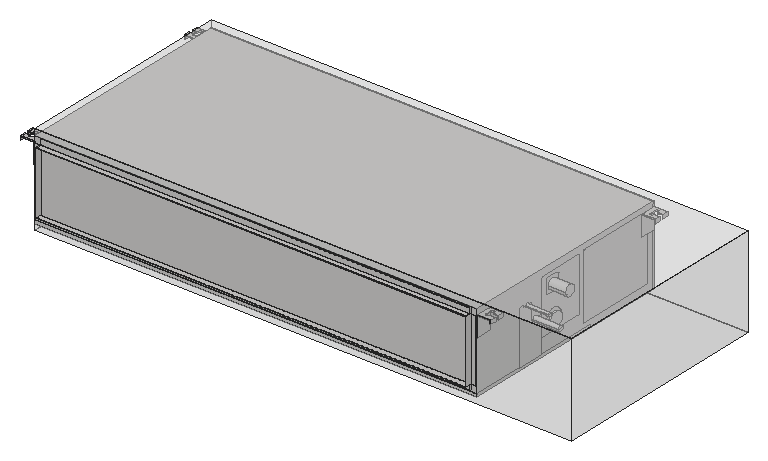
Revit family "outputfile", category 機械設備, Revit 2024
Family settings
  丸型コネクタ寸法 = 半径を使用
  パーツ タイプ = 標準
  OmniClass 番号 = 23.75.10.24.21.27.27
  OmniClass タイトル = Split System Air Conditioning Units
  作業面ベース = いいえ
  常に垂直 = はい
  ロード時にボイドで切り取り = いいえ
  注釈の向きを維持 = いいえ
  共有 = いいえ
  部屋計算ポイント = はい
Parameters (values of type "FPSQ125CV1")
  Description = ""
  書き出し IFC クラス(タイプ) = "IfcUnitaryEquipmentType"
  定義済み IFC タイプ(タイプ) = "AIRCONDITIONINGUNIT"
  Cost = 0
  Type Comments = ""
  Keynote = ""
  Type Image = (empty or 0)
  Assembly Code = ""
  w_RA Duct Size = if(Width = 1000.0 mm, 1000.0 mm, 1400.0 mm)  # 1400.0 mm
  r_HP/LP Gas Pipe Size = 4.75 mm
  lw_HP/LP Gas Pipe Size = 60.0 mm  # constant formula
  lh_HP/LP Gas Pipe Size = -103.0 mm
  ld_mountinghole = 24.0 mm  # constant formula
  ld_HP/LP Gas Pipe Size = 131.0 mm
  製造元 = "Daikin"
  モデル = "FPSQ125CV1"
  w_pipe = 33.0 mm
  r_Liquid Pipe Size = Liquid Pipe Size / 2  # 4.75 mm
  r_Gas Pipe Size = Gas Pipe Size / 2  # 7.95 mm
  r_Drain Pipe Size = Drain Pipe Size / 2  # 16.0 mm
  lw_powersupply = 49.5 mm
  lh_suctionflange [instance] = if(Rear Connection_Return Air, 125.0 mm + [h***], 190.0 mm + [h***])  # 125.0 mm
  ld_suctionflange [instance] = if(Rear Connection_Return Air, 190.0 mm, 126.5 mm)  # 190.0 mm
  ld_powersupply = 60.0 mm
  angle_vertical_RA [instance] = if(Rear Connection_Return Air, 90.00°, 0.00°)  # 90.00°
  angle horizontal_RA [instance] = if(Rear Connection_Return Air, 180.00°, 270.00°)  # 180.00°
  Voltage_comment_50Hz = "220 - 240"
  Voltage_50Hz = 230 V
  URL = ""
  Supply Air Direction [instance] = yes
  Sound Power Level_H speed (dB) = 0
  Rear Connection_Return Air [instance] = not(Bottom Connection_Return Air)  # yes
  RA_length = 190.0 mm  # constant formula
  Phase_50Hz = 1
  Minimum External Static Pressure = 50.00 Pa
  Minimum Circuit Amps_50Hz = 1.6 A
  Maximum Fuse Amps_50Hz = 16.0 A
  Maximum External Static Pressure = 80.00 Pa
  Material_Casing = DAIKIN_GalvanizedSteel_Casing_indoorunit
  lw_liquidpipe = 75.0 mm  # constant formula
  lw_gaspipe = 83.0 mm  # constant formula
  lw_mountinghole_pitch = Width + 45.0 mm  # 1445.0 mm
  lw_mountinghole = 20.0 mm  # constant formula
  lw_drainpipe = 58.0 mm  # constant formula
  lh_powersupply = 20.0 mm
  lh_liquidpipe = 175.0 mm
  lh_gaspipe = 124.0 mm
  lh_mountinghole = Height + [h***]  # 250.0 mm
  lh_drainpipe = 57.0 mm
  lh_antena = 1.0 mm  # constant formula
  ld_liquidpipe = 197.0 mm
  ld_gaspipe = 228.0 mm  # constant formula
  ld_mountinghole_pitch = 651.0 mm  # constant formula
  ld_drainpipe = 403.0 mm  # constant formula
  ld_controlbox = 626.0 mm  # constant formula
  h*** = 0.0 mm  # constant formula
  d_dischargeflange = 19.0 mm  # constant formula
  Width = 1400.0 mm
  Version = "ver.1.0"
  Unit Type = "Middle Static Ceiling Mounted Duct Type"
  Unit Mass Weight = 42.00 kg
  Unit Designation [instance] = ""
  Uniclass2015Version = "Products v1.30"
  Uniclass2015Title = "Variable refrigerant flow units"
  Uniclass2015Code = "Pr_70_65_03_94"
  Total Cooling Capacity [instance] = 0.000 kW
  Sound Pressure Level_M speed (dBA) = 37
  Sound Pressure Level_L speed (dBA) = 34
  Sound Pressure Level_H speed (dBA) = 40
  Series = "VRV HOME_Fan Coil Unit"
  Sensible Cooling Capacity [instance] = 0.000 kW
  SA Duct Size Width = 1360.0 mm
  SA Duct Size Height = 198.0 mm
  Refrigerant Type = "R410A"
  RA Duct Size Width = 1364.0 mm
  RA Duct Size Height [instance] = if(Rear Connection_Return Air, 214.0 mm, 217.0 mm)  # 214.0 mm
  Power Input (Cooling) = 0.274 kW
  Option Accessory 3 [instance] = ""
  Option Accessory 2 [instance] = ""
  Option Accessory 1 [instance] = ""
  Nominal Cooling Capacity = 14.000 kW
  Minimum Airflow = 1350.00 m³/h
  Median Airflow = 1668.00 m³/h
  Maximum Airflow = 1980.00 m³/h
  Load Classification = HVAC
  Liquid Pipe Size = 9.5 mm
  Link_Nested Family [instance] = ""
  IfcVersion = ""
  IfcExportType = "AIRCONDITIONINGUNIT"
  IfcExportAs = "IfcUnitaryEquipmentType"
  Height = 250.0 mm
  Heat Exchanger Type = "Cross Fin Coil"
  Gas Pipe Size = 15.9 mm
  Frequency_50Hz = 50 Hz
  Fan Type = "Sirocco Fan"
  Fan Drive = "Direct Drive"
  FCU Tag No. [instance] = ""
  Drain Pipe Size = 32.0 mm
  Design Supply Airflow [instance] = 0.00 m³/h
  Design Return Airflow [instance] = 0.00 m³/h
  Design External Static Pressure [instance] = 0.00 Pa
  Depth = 700.0 mm
  既定の高さ = 0.0 mm
  Cooling Entering Wet Bulb Temperature [instance] = 0.00 °C
  Cooling Entering Dry Bulb Temperature [instance] = 0.00 °C
  Cooling Ambient Wet Bulb Temperature [instance] = 0.00 °C
  Cooling Ambient Dry Bulb Temperature [instance] = 0.00 °C
  Clearance visibility [instance] = yes
  Clearance Top = 20.0 mm
  Clearance Right = 300.0 mm
  Clearance Rear = 0.0 mm
  Clearance Left = 0.0 mm
  Clearance Front = 0.0 mm
  Clearance Bottom = 20.0 mm
  Bottom Connection_Return Air [instance] = no
Reference planes
  plane 1 "Center (Front/Back)": y = 0
  plane 2: z = 0
  plane 3 "Center (Left/Right)": x = 0
  plane 4 "Back": y = 350
  plane 5 "Front": y = -350
  plane 6 "Left": x = -700
  plane 7 "Right": x = 700
  plane 8 "Top": z = 0
  plane 9 "Bottom": z = -250
  plane 10: x = 325
  plane 11: x = -330
  plane 12: z = -230
  plane 13: z = -6
  plane 14: z = -72
  plane 15: z = -75
  plane 16: z = -126
  plane 17: x = -304
  plane 18: x = -722.5
  plane 19: x = 722.5
  plane 20: y = -326
  plane 21: y = 325
  plane 22: x = -742.5
  plane 23: x = 390
  plane 24: x = 775
  plane 25: x = 783
  plane 26: x = 758
  plane 27: z = 0
  plane 28 "Clearance Left": x = -700
  plane 29 "Clearance Right": x = 1000
  plane 30 "Clearance Rear": y = 350
  plane 31 "Clearance Front": y = -350
  plane 32 "Clearance Top": z = 20
  plane 33 "Clearance Bottom": z = -270
  plane 34: z = -14
  plane 35: z = -57
  plane 36: z = -146.5
  plane 37: x = 0
  plane 38: y = -122
  plane 39: y = -153
  plane 40: y = -30
  plane 41: y = -53
  plane 42: z = -119
  plane 43: y = -349
  plane 44: x = -699
  plane 45: z = -140
  plane 46: z = -80
  plane 47: y = 210
  plane 48: z = -249
  plane 49: y = 160
  plane 50: z = -151
  plane 51: x = 730
  plane 52: z = 11
  plane 53: z = 97.5
  plane 54: y = -219
Forms (mm)
  Extrusion 1, solid, material "DAIKIN_GalvanizedSteel_Casing_indoorunit" <- "Material_Casing"
    sketch origin (0, 0, 0) x (1, 0, 0) y (0, 1, 0)
      loop
        line (-700, -350) -> (700, -350) -> (700, 350) -> (-700, 350) -> (-700, -350)
    from -250 to 0
  Revolve 2, solid, material "DAIKIN_GalvanizedSteel_Casing_indoorunit" <- "Material_Casing"
    sketch origin (0, 0, -126) x (0, -1, 0) y (1, 0, 0)
      loop
        line (114.05, 700) -> (122, 700) -> (122, 783) -> (114.05, 783) -> (114.05, 700)
      axis (122, 700) -> (122, 783)
    angle from 0 to 360
  Revolve 3, solid, material "DAIKIN_GalvanizedSteel_Casing_indoorunit" <- "Material_Casing"
    sketch origin (0, 0, -75) x (0, -1, 0) y (1, 0, 0)
      loop
        line (153, 700) -> (153, 775) -> (148.25, 775) -> (148.25, 700) -> (153, 700)
      axis (153, 775) -> (153, 700)
    angle from 0 to 360
  Extrusion 4, solid, material "DAIKIN_GalvanizedSteel_Casing_indoorunit" <- "Material_Casing"
    sketch origin (700, 0, 33.75) x (0, 1, 0) y (0, 0, 1)
      loop
        circle (-53, -90.75) r 16
    from 0 to 58
  Extrusion 5, solid, material "DAIKIN_GalvanizedSteel_Casing_indoorunit" <- "Material_Casing"
    sketch origin (0, 0, 0) x (1, 0, 0) y (0, 0, 1)
      loop
        line (-700, -240) -> (-700, -250) -> (700, -250) -> (700, -240) -> (-700, -240)
    from -97 to 350
  Extrusion 6, solid, material "DAIKIN_GalvanizedSteel_Casing_indoorunit" <- "Material_Casing"
    sketch origin (700, 0, 0) x (0, 1, 0) y (0, 0, 1)
      loop
        circle (-49.014, -158.014) r 22.5
    from 11.3 to 0
  Extrusion 7, solid, material "DAIKIN_GalvanizedSteel_Casing_indoorunit" <- "Material_Casing"
    sketch origin (700, 0, 0) x (0, 1, 0) y (0, 0, 1)
      loop
        circle (-49.014, -158.014) r 30
    from 0 to 3
  Extrusion 8, solid, material "DAIKIN_GalvanizedSteel_Casing_indoorunit" <- "Material_Casing"
    sketch origin (700, 0, 0) x (0, 1, 0) y (0, 0, 1)
      loop
        arc (-94.014, -189.014) -> (-93.135, -191.135) -> (-91.014, -192.014) r 3
        line (-91.014, -192.014) -> (49.986, -192.014)
        arc (49.986, -192.014) -> (52.108, -191.135) -> (52.986, -189.014) r 3
        line (52.986, -189.014) -> (52.986, -25.014)
        arc (52.986, -25.014) -> (52.108, -22.892) -> (49.986, -22.014) r 3
        line (49.986, -22.014) -> (-91.014, -22.014)
        arc (-91.014, -22.014) -> (-93.135, -22.892) -> (-94.014, -25.014) r 3
        line (-94.014, -25.014) -> (-94.014, -189.014)
      loop
        line (-78.486, -40.478) -> (-78.486, -73.478)
        arc (-78.486, -73.478) -> (-75.855, -79.845) -> (-69.494, -82.486) r 9
        line (-69.494, -82.486) -> (-36.492, -82.486)
        arc (-36.492, -82.486) -> (-30.134, -79.848) -> (-27.486, -73.494) r 9.023
        line (-27.486, -73.494) -> (-27.486, -40.478)
        arc (-27.486, -40.478) -> (-30.122, -34.122) -> (-36.478, -31.486) r 9
        line (-36.478, -31.486) -> (-69.494, -31.486)
        arc (-69.494, -31.486) -> (-75.85, -34.122) -> (-78.486, -40.478) r 9
    from 0 to 1
  Extrusion 9, solid, material "DAIKIN_GalvanizedSteel_Casing_indoorunit" <- "Material_Casing"
    sketch origin (700, 0, 0) x (0, 1, 0) y (0, 0, 1)
      loop
        line (72.008, -16.198) -> (72.008, -225) -> (324.002, -225) -> (324.002, -83.198) -> (299.002, -83.198) -> (299.002, -16.198) -> (72.008, -16.198)
    from 0 to 1
  Extrusion 10, solid, material "DAIKIN_GalvanizedSteel_Casing_indoorunit"
    sketch origin (700, 0, 0) x (0, 1, 0) y (0, 0, 1)
      loop
        line (-96.045, -240) -> (-96.045, -126.163) -> (-136.045, -126.163) -> (-136.045, -75.163) -> (-166.999, -75.163) -> (-166.999, -70.163) -> (-181.045, -70.163) -> (-181.045, -240) -> (-96.045, -240)
    from 0 to 1
Dimensions and locks
  "lh_powersupply": plane 12 to plane 9 "Bottom"
  locked: plane 8 "Top" to plane 13 at 6
  "Height": plane 8 "Top" to plane 9 "Bottom"
  locked: plane 17 to plane 3 "Center (Left/Right)" at 304
  equal spacing: plane 18, plane 3 "Center (Left/Right)", plane 19
  "lw_mountinghole_pitch": plane 18 to plane 19
  locked: plane 14 to plane 9 "Bottom" at 178
  "lw_mountinghole": plane 22 to plane 18
  "lh_liquidpipe": plane 15 to plane 9 "Bottom"
  "lh_gaspipe": plane 16 to plane 9 "Bottom"
  "lh_mountinghole": plane 27 to plane 9 "Bottom"
  "ld_mountinghole_pitch": plane 21 to plane 20
  equal spacing: plane 6 "Left", plane 3 "Center (Left/Right)", plane 7 "Right"
  "Width": plane 6 "Left" to plane 7 "Right"
  "Clearance Right": plane 7 "Right" to plane 29 "Clearance Right"
  "Clearance Left": plane 28 "Clearance Left" to plane 6 "Left"
  "lw_gaspipe": plane 7 "Right" to plane 25
  "lw_liquidpipe": plane 7 "Right" to plane 24
  "lw_drainpipe": plane 7 "Right" to plane 26
  "Clearance Rear": plane 30 "Clearance Rear" to plane 4 "Back"
  "Clearance Front": plane 5 "Front" to plane 31 "Clearance Front"
  "Clearance Top": plane 32 "Clearance Top" to plane 8 "Top"
  "Clearance Bottom": plane 9 "Bottom" to plane 33 "Clearance Bottom"
  plane 8 "Top" to plane 34 = 14.0 mm
  "lh_drainpipe": plane 8 "Top" to plane 35
  locked: plane 36 to plane 9 "Bottom" at 103.5
  locked: plane 34 to plane 42 at 105
  "Depth": plane 4 "Back" to plane 5 "Front"
  equal spacing: plane 4 "Back", plane 1 "Center (Front/Back)", plane 5 "Front"
  locked: plane 43 to plane 5 "Front" at 1
  locked: plane 44 to plane 6 "Left" at 1
  locked: plane 12 to plane 45 at 90
  plane 47 to nested 13 = 122.0 mm
  locked: plane 48 to plane 9 "Bottom" at 1
  "ld_suctionflange": plane 4 "Back" to plane 49
  locked: plane 50 to plane 9 "Bottom" at 99
  locked: plane 51 to plane 7 "Right" at 30
  "r_Gas Pipe Size": Revolve 2 sketch curve to Revolve 2 sketch curve
  "ld_gaspipe": plane 38 to plane 5 "Front"
  "r_Liquid Pipe Size": Revolve 3 sketch curve to plane 39
  "ld_liquidpipe": plane 39 to plane 5 "Front"
  "ld_drainpipe": plane 4 "Back" to plane 41
  "ld_HP/LP Gas Pipe Size": plane 54 to plane 5 "Front"
  plane 8 "Top" to plane 15 = 75.0 mm
  "ld_mountinghole": plane 20 to plane 5 "Front"
  locked: plane 8 "Top" to nested 16 at 20
  equal spacing: plane 6 "Left", plane 37, plane 7 "Right"
  "ld_gaspipe": plane 5 "Front" to Revolve 2 sketch curve
  locked: plane 46 to plane 9 "Bottom" at 170
  "r_Drain Pipe Size": radius of Extrusion 4 sketch curve
  aligned and locked: level to plane 2
  aligned and locked: Extrusion 1 to plane 9 "Bottom"
  aligned and locked: plane 8 "Top" to Extrusion 1
  aligned and locked: Revolve 2 sketch curve to Revolve 2 sketch curve
  aligned and locked: nested 6 to plane 24
  aligned and locked: nested 6 to plane 15
  aligned and locked: nested 2 to plane 21
  aligned and locked: plane 19 to nested 2
  aligned and locked: plane 19 to nested 3
  aligned and locked: plane 18 to nested 4
  aligned and locked: plane 21 to nested 5
  aligned and locked: nested 5 to plane 21
  aligned and locked: plane 18 to nested 5
  aligned and locked: Extrusion 5 to plane 5 "Front"
  aligned and locked: Extrusion 5 to plane 9 "Bottom"
  aligned and locked: nested 7 to plane 16
  aligned and locked: plane 38 to nested 7
  aligned and locked: plane 39 to nested 6
  aligned and locked: Extrusion 4 sketch curve to plane 41
  aligned and locked: plane 4 "Back" to nested 12
  aligned and locked: plane 29 "Clearance Right" to nested 14
  aligned and locked: plane 28 "Clearance Left" to nested 14
  aligned and locked: nested 14 to plane 31 "Clearance Front"
  aligned and locked: nested 14 to plane 32 "Clearance Top"
  aligned and locked: nested 14 to plane 33 "Clearance Bottom"
  aligned and locked: nested 8 to plane 35
  aligned and locked: nested 10 to plane 1 "Center (Front/Back)"
  aligned and locked: plane 3 "Center (Left/Right)" to nested 10
  aligned and locked: plane 42 to nested 9
  aligned and locked: level to plane 8 "Top"
  aligned and locked: plane 3 "Center (Left/Right)" to nested 1
  aligned and locked: Extrusion 1 sketch curve to plane 5 "Front"
  aligned and locked: plane 3 "Center (Left/Right)" to nested 16
  aligned and locked: plane 5 "Front" to nested 16
  aligned and locked: nested 9 to plane 5 "Front"
  aligned and locked: plane 39 to Revolve 3 sketch curve  (x2)
  aligned and locked: plane 7 "Right" to nested 7
  aligned and locked: plane 7 "Right" to nested 8
  aligned and locked: plane 41 to nested 8
  aligned and locked: plane 1 "Center (Front/Back)" to nested 1
  aligned and locked: nested 4 to plane 20
  aligned and locked: nested 3 to plane 20
  aligned and locked: plane 37 to nested 15
  aligned and locked: nested 15 to plane 49
  aligned and locked: plane 7 "Right" to Revolve 3 sketch curve
  aligned and locked: plane 7 "Right" to Revolve 2 sketch curve
  aligned and locked: Revolve 2 sketch curve to nested 7
  aligned and locked: plane 8 "Top" to nested 12
  aligned and locked: plane 3 "Center (Left/Right)" to nested 12
  aligned and locked: plane 3 "Center (Left/Right)" to nested 13
  aligned and locked: plane 9 "Bottom" to nested 13
  aligned and locked: plane 30 "Clearance Rear" to nested 14
  aligned and locked: plane 4 "Back" to nested 13
  aligned and locked: plane 7 "Right" to nested 11
  aligned and locked: plane 26 to Extrusion 4
Automatic sketch dimensions
  Extrusion 1 sketch curve to plane 4 "Back" = 0.0 mm
  Extrusion 1 sketch curve to plane 6 "Left" = 0.0 mm
  Extrusion 1 sketch curve to plane 7 "Right" = 0.0 mm
  Revolve 2 sketch curve to plane 37 = 57.997 mm
  plane 24 to Revolve 2 sketch curve = 1.003 mm
  Revolve 3 sketch curve to plane 24 = 0.0 mm  (x2)
  Revolve 3 sketch curve to Revolve 3 sketch curve = 1.0 mm
  Extrusion 5 sketch curve to plane 6 "Left" = 0.0 mm
  Extrusion 5 sketch curve to plane 7 "Right" = 0.0 mm
  Extrusion 5 sketch curve to plane 9 "Bottom" = 0.0 mm
  Extrusion 5 sketch curve to plane 12 = 10.0 mm
  plane 35 to Extrusion 4 sketch curve = 0.0 mm
  plane 38 to Extrusion 6 sketch curve = 72.986 mm
  plane 12 to Extrusion 6 sketch curve = 71.986 mm
  plane 41 to Extrusion 7 sketch curve = 3.986 mm
  Extrusion 7 sketch curve to plane 50 = 7.014 mm
  plane 38 to Extrusion 8 sketch curve = 27.986 mm
  Extrusion 8 sketch curve to Extrusion 8 sketch curve = 3.0 mm  (x3)
  Extrusion 8 sketch curve to plane 14 = 1.478 mm
  Extrusion 8 sketch curve to plane 41 = 25.486 mm
  Extrusion 8 sketch curve to plane 46 = 2.486 mm
  Extrusion 8 sketch curve to Extrusion 8 sketch curve = 8.992 mm  (x2)
  Extrusion 8 sketch curve to plane 14 = 1.486 mm
  Extrusion 8 sketch curve to Extrusion 8 sketch curve = 9.0 mm
  Extrusion 8 sketch curve to plane 14 = 1.463 mm
  Extrusion 8 sketch curve to plane 40 = 6.509 mm
  Extrusion 8 sketch curve to plane 40 = 6.492 mm
  Extrusion 8 sketch curve to plane 40 = 6.486 mm
  Extrusion 8 sketch curve to plane 40 = 6.478 mm
  Extrusion 8 sketch curve to plane 14 = 1.494 mm
  Extrusion 8 sketch curve to plane 34 = 8.014 mm
  Extrusion 8 sketch curve to plane 1 "Center (Front/Back)" = 49.986 mm  (x2)
  Extrusion 8 sketch curve to plane 50 = 38.014 mm
  plane 35 to Extrusion 8 sketch curve = 16.514 mm
  Extrusion 8 sketch curve to Extrusion 8 sketch curve = 32.977 mm
  Extrusion 8 sketch curve to Extrusion 8 sketch curve = 0.008 mm
  Extrusion 9 sketch curve to plane 34 = 2.198 mm
  Extrusion 9 sketch curve to plane 1 "Center (Front/Back)" = 72.008 mm
  Extrusion 9 sketch curve to plane 46 = 3.198 mm
  Extrusion 9 sketch curve to plane 21 = 25.998 mm
  Extrusion 9 sketch curve to plane 21 = 0.998 mm  (x2)
  plane 12 to Extrusion 9 sketch curve = 5.0 mm
  plane 48 to Extrusion 10 sketch curve = 9.0 mm
  Extrusion 10 sketch curve to plane 39 = 28.045 mm
  Extrusion 10 sketch curve to plane 15 = 0.163 mm
  Extrusion 10 sketch curve to plane 39 = 13.999 mm
  Extrusion 10 sketch curve to plane 16 = 0.163 mm
  Extrusion 10 sketch curve to plane 38 = 14.045 mm
  plane 38 to Extrusion 10 sketch curve = 25.955 mm
  plane 14 to Extrusion 10 sketch curve = 1.837 mm
  radius of Extrusion 6 sketch curve = 22.5 mm
  radius of Extrusion 7 sketch curve = 30.0 mm
Nested families
  nested 1: "daikin_hangerfixture_FPSQ-CV1" at (0, 0, -15.5), type "daikin_hangerfixture_FPSQ-CV1"
    with width 1400.0 mm
  nested 2: "daikin_mountinghole" at (722.5, 325, -265.5), l_antenna <- "lh_antena", Link_Nested Family <- "Link_Nested Family", h_mountinghole <- "lh_mountinghole", type "daikin_mountinghole"
    with show yes, l_antenna 1.0 mm, h_mountinghole 250.0 mm, Link_Nested Family ""
  nested 3: "daikin_mountinghole" at (722.5, -326, -265.5), Link_Nested Family <- "Link_Nested Family", l_antenna <- "lh_antena", h_mountinghole <- "lh_mountinghole", type "daikin_mountinghole"
    with show yes, l_antenna 1.0 mm, h_mountinghole 250.0 mm, Link_Nested Family ""
  nested 4: "daikin_mountinghole" at (-722.5, -326, -265.5), l_antenna <- "lh_antena", Link_Nested Family <- "Link_Nested Family", h_mountinghole <- "lh_mountinghole", type "daikin_mountinghole"
    with show yes, l_antenna 1.0 mm, h_mountinghole 250.0 mm, Link_Nested Family ""
  nested 5: "daikin_mountinghole" at (-722.5, 325, -265.5), l_antenna <- "lh_antena", Link_Nested Family <- "Link_Nested Family", h_mountinghole <- "lh_mountinghole", type "daikin_mountinghole"
    with show yes, l_antenna 1.0 mm, h_mountinghole 250.0 mm, Link_Nested Family ""
  nested 6: "daikin_connector_rotate2" at (700, -153, -75) x (0, 1, 0) z (0, 0, 1), length <- "lw_liquidpipe", built-in parameter 1001364 <- "lh_liquidpipe", radius <- "r_Liquid Pipe Size", type "daikin_connector_rotate2"
    with radius 4.75 mm, length 75.0 mm, angle_vertical 90.00°
  nested 7: "daikin_connector_rotate2" at (700, -122, -126) x (0, 1, 0) z (0, 0, 1), length <- "lw_gaspipe", built-in parameter 1001364 <- "lh_gaspipe", radius <- "r_Gas Pipe Size", type "daikin_connector_rotate2"
    with radius 7.95 mm, length 83.0 mm, angle_vertical 90.00°
  nested 8: "daikin_connector_rotate2" at (700, -53, -57) x (0, 1, 0) z (0, 0, 1), built-in parameter 1001364 <- "lh_drainpipe", radius <- "r_Drain Pipe Size", length <- "lw_drainpipe", type "daikin_connector_rotate2"
    with radius 16.0 mm, length 58.0 mm, angle_vertical 90.00°
  nested 9: "daikin_connector_rotate2" at (0, -350, -119), length <- "d_dischargeflange", type "daikin_connector_rotate2"
    with radius 10.0 mm, length 19.0 mm, angle_vertical 90.00°
  nested 10: "daikin_△_symbolicline" at (-75, -129.904, 250) x (-0.5, 0.866, 0) z (0, 0, 1), built-in parameter 1001364 <- "Height", visible <- "Supply Air Direction", type "daikin_△_symbolicline"
    with length 300.0 mm
  nested 11: "daikin_connector_rotate2" at (640, 273.008, -220) x (0, 1, 0) z (0, 0, 1), type "daikin_connector_rotate2"
    with radius 10.0 mm, length 60.0 mm, angle_vertical 90.00°
  nested 12: "daikin_ductflange_FPSQ-CV1_2" at (0, 350, -125), material <- "Material_Casing", visible <- "Rear Connection_Return Air", width <- "w_RA Duct Size", type "daikin_ductflange_FPSQ-CV1_2"
    with width 1400.0 mm, material DAIKIN_GalvanizedSteel_Casing_indoorunit, height 214.0 mm, depth 21.2 mm
  nested 13: "daikin_ductflange_FPSQ-CV1_2" at (0, 225, -250) x (1, 0, 0) z (0, 1, 0), material <- "Material_Casing", visible <- "Bottom Connection_Return Air", width <- "w_RA Duct Size", height <- "RA Duct Size Height", type "daikin_ductflange_FPSQ-CV1_2"
    with width 1400.0 mm, material DAIKIN_GalvanizedSteel_Casing_indoorunit, height 214.0 mm, depth 21.0 mm
  nested 14: "daikin_clearancespace" at (150, 0, -124.881), visible <- "Clearance visibility", show <- "Clearance visibility", Link_Nested Family <- "Link_Nested Family", type "daikin_clearancespace"
    with width 1700.0 mm, show yes, height 290.0 mm, depth 700.0 mm, Link_Nested Family ""
  nested 15: "daikin_connector_rotate3" at (0, 160, -125), built-in parameter 1001364 <- "lh_suctionflange", angle_vertical <- "angle_vertical_RA", angle_horizontal <- "angle horizontal_RA", length <- "RA_length", type "daikin_connector_rotate3"
    with show no, radius 10.0 mm, length 190.0 mm, angle_vertical 90.00°, angle_horizontal 180.00°
  nested 16: "daikin_ductflange_FPSQ-CV1_1" at (0, -36.5, -408.201), width <- "SA Duct Size Width", type "daikin_ductflange_FPSQ-CV1_1"
    with width 1360.0 mm, material DAIKIN_GalvanizedSteel_Casing_indoorunit, height 200.0 mm, depth 19.0 mm
Connectors
  piping at (783, -122, -126), diameter 15.9, driven by "r_Gas Pipe Size"
    settings: on nested 7, index 1, connector inside diameter 609.6 mm, connector length 0.0 mm, flow factor 0, pipe flow 0.00 m³/h, pressure drop 0.0 Pa, fitting loss kfactor 0, connector angle 0.00°, fixture units 0, engagement length 0.0 mm, angle of deflection 0.00°, flow configuration 1, flow direction 2, fitting loss method 0, system type 29, joint type 0, gender type 0, connector reference index -1, connector utility 0, adjustable connector no, is connector primary yes, connector description "Refrigerant Gas Piping"
  piping at (775, -153, -75), diameter 9.5, driven by "r_Liquid Pipe Size"
    settings: on nested 6, index 2, connector inside diameter 609.6 mm, connector length 0.0 mm, flow factor 0, pipe flow 0.00 m³/h, pressure drop 0.0 Pa, fitting loss kfactor 0, connector angle 0.00°, fixture units 0, engagement length 0.0 mm, angle of deflection 0.00°, flow configuration 1, flow direction 1, fitting loss method 0, system type 29, joint type 0, gender type 0, connector reference index -1, connector utility 0, adjustable connector no, is connector primary no, connector description "Refrigerant Liquid Piping"
  piping at (758, -53, -57), diameter 32, driven by "r_Drain Pipe Size"
    settings: on nested 8, index 3, connector inside diameter 609.6 mm, connector length 0.0 mm, flow factor 0, pipe flow 0.00 m³/h, pressure drop 0.0 Pa, fitting loss kfactor 0, connector angle 0.00°, fixture units 0, engagement length 0.0 mm, angle of deflection 0.00°, flow configuration 1, flow direction 2, fitting loss method 4, system type 16, joint type 0, gender type 0, connector reference index -1, connector utility 0, adjustable connector no, is connector primary no, connector description "Condensate Drain Piping"
  electrical at (700, 273.008, -220), driven by "Load Classification"
    settings: on nested 11, index 9, voltage 0 V, apparent load 0 VA, apparent load phase1 0 VA, apparent load phase2 0 VA, apparent load phase3 0 VA, power factor 1, load classification "HVAC", number of poles 1, system type 30, power factor state 1, is connector primary yes, connector utility no, sub classification motor no, connector description "Power Supply"
  hvac at (0, -369, -119), driven by "SA Duct Size Height", driven by "SA Duct Size Width"
    settings: on nested 9, index 11, duct flow 0.00 m³/h, flow factor 0, pres drop 0.00 Pa, loss coef 0, conn angle 0.00°, conn width 1360.0 mm, conn height 198.0 mm, conn diameter 609.6 mm, duct sys type 1, conn prof type 1, flow config 0, flow direction 2, loss method 4, conn ref index -1, conn util no, is conn primary yes, conn desc "SA Duct"
  hvac at (0, 350, -125), driven by "RA Duct Size Height", driven by "RA Duct Size Width"
    settings: on nested 15, index 12, duct flow 0.00 m³/h, flow factor 0, pres drop 0.00 Pa, loss coef 0, conn angle 0.00°, conn width 1364.0 mm, conn height 214.0 mm, conn diameter 609.6 mm, duct sys type 2, conn prof type 1, flow config 0, flow direction 1, loss method 4, conn ref index -1, conn util no, is conn primary no, conn desc "RA Duct"
  piping at (783, -122, -126), diameter 15.9, driven by "r_Gas Pipe Size"
    settings: on nested 7, index 13, connector inside diameter 609.6 mm, connector length 0.0 mm, flow factor 0, pipe flow 0.00 m³/h, pressure drop 0.0 Pa, fitting loss kfactor 0, connector angle 0.00°, fixture units 0, engagement length 0.0 mm, angle of deflection 0.00°, flow configuration 1, flow direction 2, fitting loss method 0, system type 29, joint type 0, gender type 0, connector reference index -1, connector utility 0, adjustable connector no, is connector primary no, connector description "Refrigerant Gas Piping"
Definition of nested family "daikin_hangerfixture_FPSQ-CV1"
  Parameters (values of type "daikin_hangerfixture_FPSQ-CV1")
    width = 1000.0 mm
    material = none
    height = 65.0 mm
    depth = 699.0 mm
    Default Elevation = 0.0 mm
  Reference planes
    plane 1 "Center (Front/Back)": y = 0
    plane 2: z = 0
    plane 3 "Center (Left/Right)": x = 0
    plane 4: x = 500
    plane 5: y = 349
    plane 6: y = -350
    plane 7: x = -500
  Forms (mm)
    Extrusion 1, solid, material <- "material"
      sketch origin (0, 0, 0) x (-1, 0, 0) y (0, 0, -1)
        loop
          line (500, 0) -> (545, 0) -> (545, 11.998) -> (542.7, 11.998) -> (542.7, 2.298) -> (502.108, 2.298) -> (502.108, 64.997) -> (500, 64.997) -> (500, 0)
      from -349 to 350
    Extrusion 2, void
      sketch origin (0, 0, 0) x (1, 0, 0) y (0, 1, 0)
        loop
          line (-545, 301) -> (-545, -302) -> (-500, -302) -> (-500, 301) -> (-545, 301)
        loop
          line (-545, -319.499) -> (-545, -332.501) -> (-529.997, -332.501)
          arc (-529.997, -332.501) -> (-529.291, -332.793) -> (-528.998, -333.5) r 0.998
          line (-528.998, -333.5) -> (-528.998, -335)
          arc (-528.998, -335) -> (-522.999, -340.999) -> (-517, -335) r 5.999
          line (-517, -335) -> (-517, -317)
          arc (-517, -317) -> (-522.999, -311.001) -> (-528.998, -317) r 5.999
          line (-528.998, -317) -> (-528.998, -318.5)
          arc (-528.998, -318.5) -> (-529.291, -319.207) -> (-529.997, -319.499) r 0.998
          line (-529.997, -319.499) -> (-545, -319.499)
        loop
          line (-545, 331.502) -> (-545, 318.5) -> (-529.997, 318.5)
          arc (-529.997, 318.5) -> (-529.291, 318.208) -> (-528.998, 317.501) r 0.998
          line (-528.998, 317.501) -> (-528.998, 316.001)
          arc (-528.998, 316.001) -> (-522.999, 310.002) -> (-517, 316.001) r 5.999
          line (-517, 316.001) -> (-517, 334.001)
          arc (-517, 334.001) -> (-522.999, 340) -> (-528.998, 334.001) r 5.999
          line (-528.998, 334.001) -> (-528.998, 332.5)
          arc (-528.998, 332.5) -> (-529.291, 331.794) -> (-529.997, 331.502) r 0.998
          line (-529.997, 331.502) -> (-545, 331.502)
      from 0 to -80
    Extrusion 3, solid, material <- "material"
      sketch origin (0, 0, 0) x (1, 0, 0) y (0, 0, 1)
        loop
          line (500, 0) -> (500, -64.997) -> (502.108, -64.997) -> (502.108, -2.298) -> (542.7, -2.298) -> (542.7, -11.998) -> (545, -11.998) -> (545, 0) -> (500, 0)
      from -349 to 350
    Extrusion 4, void
      sketch origin (0, 0, 0) x (-1, 0, 0) y (0, -1, 0)
        loop
          line (-545, -301) -> (-500, -301) -> (-500, 302) -> (-545, 302) -> (-545, -301)
        loop
          line (-517, 317) -> (-517, 335)
          arc (-517, 335) -> (-522.999, 340.999) -> (-528.998, 335) r 5.999
          line (-528.998, 335) -> (-528.998, 333.5)
          arc (-528.998, 333.5) -> (-529.291, 332.793) -> (-529.997, 332.501) r 0.998
          line (-529.997, 332.501) -> (-545, 332.501) -> (-545, 319.499) -> (-529.997, 319.499)
          arc (-529.997, 319.499) -> (-529.291, 319.207) -> (-528.998, 318.5) r 0.998
          line (-528.998, 318.5) -> (-528.998, 317)
          arc (-528.998, 317) -> (-522.999, 311.001) -> (-517, 317) r 5.999
        loop
          line (-545, -331.502) -> (-529.997, -331.502)
          arc (-529.997, -331.502) -> (-529.291, -331.794) -> (-528.998, -332.5) r 0.998
          line (-528.998, -332.5) -> (-528.998, -334.001)
          arc (-528.998, -334.001) -> (-522.999, -340) -> (-517, -334.001) r 5.999
          line (-517, -334.001) -> (-517, -316.001)
          arc (-517, -316.001) -> (-522.999, -310.002) -> (-528.998, -316.001) r 5.999
          line (-528.998, -316.001) -> (-528.998, -317.501)
          arc (-528.998, -317.501) -> (-529.291, -318.208) -> (-529.997, -318.5) r 0.998
          line (-529.997, -318.5) -> (-545, -318.5) -> (-545, -331.502)
      from 0 to -80
  Cuts and joins
    Extrusion 2, Extrusion 4 cuts Extrusion 1
    Extrusion 4 cuts Extrusion 3
  Dimensions and locks
    plane 5 to plane 1 "Center (Front/Back)" to plane 6 = 349.0 mm, 350.0 mm
    "depth": plane 5 to plane 6
    plane 6 to plane 1 "Center (Front/Back)" to plane 5 = 350.0 mm, 349.0 mm
    equal spacing: plane 7, plane 3 "Center (Left/Right)", plane 4
    "width": plane 7 to plane 4
    plane 7 to Extrusion 1 sketch curve = 2.108 mm
    level to Extrusion 1 sketch curve = 11.998 mm
    plane 7 to Extrusion 1 sketch curve = 45.0 mm
    Extrusion 1 sketch curve to Extrusion 1 sketch curve = 2.3 mm
    plane 2 to Extrusion 1 sketch curve = 64.997 mm
    Extrusion 3 sketch curve to Extrusion 3 sketch curve = 2.3 mm
    aligned and locked: level to plane 2
    aligned and locked: Extrusion 1 sketch curve to plane 7
    aligned and locked: plane 2 to Extrusion 1 sketch curve
    aligned and locked: plane 5 to Extrusion 1
    aligned and locked: plane 6 to Extrusion 1
  Automatic sketch dimensions
    Extrusion 1 sketch curve to level = 2.298 mm
    Extrusion 2 sketch curve to plane 7 = 0.0 mm
    Extrusion 2 sketch curve to plane 7 = 17.0 mm  (x2)
    Extrusion 2 sketch curve to Extrusion 2 sketch curve = 5.999 mm  (x4)
    Extrusion 2 sketch curve to Extrusion 2 sketch curve = 0.998 mm  (x4)
    Extrusion 2 sketch curve to Extrusion 2 sketch curve = 15.003 mm  (x2)
    Extrusion 2 sketch curve to Extrusion 2 sketch curve = 0.0 mm
    plane 6 to Extrusion 2 sketch curve = 15.0 mm
    Extrusion 2 sketch curve to Extrusion 2 sketch curve = 1.5 mm  (x4)
    Extrusion 2 sketch curve to Extrusion 2 sketch curve = 13.002 mm  (x2)
    Extrusion 2 sketch curve to Extrusion 2 sketch curve = 15.0 mm
    Extrusion 2 sketch curve to plane 5 = 48.0 mm
    Extrusion 2 sketch curve to Extrusion 2 sketch curve = 15.001 mm
    Extrusion 3 sketch curve to level = 0.0 mm
    Extrusion 3 sketch curve to plane 4 = 0.0 mm
    plane 4 to Extrusion 3 sketch curve = 2.108 mm
    Extrusion 3 sketch curve to level = 2.298 mm
    Extrusion 3 sketch curve to Extrusion 3 sketch curve = 40.592 mm
    Extrusion 3 sketch curve to Extrusion 3 sketch curve = 9.7 mm
    Extrusion 3 sketch curve to Extrusion 3 sketch curve = 62.7 mm
    Extrusion 4 sketch curve to plane 4 = 0.0 mm
    plane 4 to Extrusion 4 sketch curve = 17.0 mm  (x2)
    Extrusion 4 sketch curve to Extrusion 4 sketch curve = 5.999 mm  (x3)
    Extrusion 4 sketch curve to Extrusion 4 sketch curve = 0.998 mm  (x4)
    Extrusion 4 sketch curve to Extrusion 4 sketch curve = 15.003 mm  (x2)
    Extrusion 4 sketch curve to plane 5 = 14.999 mm
    Extrusion 4 sketch curve to Extrusion 4 sketch curve = 1.5 mm  (x4)
    Extrusion 4 sketch curve to Extrusion 4 sketch curve = 13.002 mm  (x2)
    Extrusion 4 sketch curve to Extrusion 4 sketch curve = 17.5 mm
    plane 6 to Extrusion 4 sketch curve = 48.0 mm
    Extrusion 4 sketch curve to Extrusion 4 sketch curve = 0.0 mm
    Extrusion 4 sketch curve to Extrusion 4 sketch curve = 12.997 mm
    Extrusion 4 sketch curve to Extrusion 4 sketch curve = 15.0 mm
Definition of nested family "daikin_ductflange_FPSQ-CV1_2"
  Parameters (values of type "daikin_ductflange_FPSQ-CV1_2")
    width [instance] = 620.0 mm
    material [instance] = none
    height [instance] = 214.0 mm
    depth [instance] = 21.2 mm
    Default Elevation = 0.0 mm
  Reference planes
    plane 1 "Center (Front/Back)": y = 0
    plane 2: z = 0
    plane 3 "Center (Left/Right)": x = 0
    plane 4: y = -313.5
    plane 5: y = -334.7
    plane 6: x = -310
    plane 7: x = 310
    plane 8: z = 107
    plane 9: z = -107
    plane 10: z = 125
    plane 11: z = -125
    plane 12: x = -309
    plane 13: x = 309
  Forms (mm)
    Extrusion 1, solid, material <- "material"
      sketch origin (0, 0, 0) x (1, 0, 0) y (0, 0, 1)
        loop
          line (-292, 107) -> (-292, -107) -> (292, -107) -> (292, 107) -> (-292, 107)
        loop
          line (-310, -125) -> (310, -125) -> (310, 125) -> (-310, 125) -> (-310, -125)
      from 0 to 1
  Dimensions and locks
    plane 4 to plane 1 "Center (Front/Back)" = 313.5 mm
    "depth": plane 5 to plane 4
    equal spacing: plane 7, plane 3 "Center (Left/Right)", plane 6, locked at 310 each
    "width": plane 7 to plane 6
    equal spacing: plane 8, level, plane 9
    "height": plane 8 to plane 9
    plane 12 to plane 6 = 1.0 mm
    locked: plane 7 to plane 13 at 1
    locked: Extrusion 1 sketch curve to plane 6 at 18
    locked: plane 7 to Extrusion 1 sketch curve at 18
    locked: plane 10 to plane 8 at 18
    locked: plane 9 to plane 11 at 18
    aligned and locked: level to plane 2
    aligned and locked: plane 8 to Extrusion 1
    aligned and locked: plane 9 to Extrusion 1
    aligned and locked: Extrusion 1 sketch curve to plane 10
    aligned and locked: plane 6 to Extrusion 1 sketch curve
    aligned and locked: plane 7 to Extrusion 1 sketch curve
    aligned and locked: Extrusion 1 sketch curve to plane 11
    aligned and locked: plane 9 to Extrusion 1 sketch curve
    aligned and locked: Extrusion 1 sketch curve to plane 8
Definition of nested family "daikin_clearancespace"
  Parameters (values of type "daikin_clearancespace")
    Description = "daikin_clearancespace"
    width [instance] = 1823.963 mm
    show [instance] = yes
    material = none
    height [instance] = 1359.762 mm
    depth [instance] = 880.0 mm
    Default Elevation = 0.0 mm
    Link_Nested Family [instance] = ""
  Reference planes
    plane 1 "Center (Front/Back)": y = 0
    plane 2 "Center (Elevation)": z = -0.119
    plane 3 "Center (Left/Right)": x = 0
    plane 4: y = 440
    plane 5: y = -440
    plane 6 "Right": x = 911.982
    plane 7 "Left": x = -911.982
    plane 8 "Top": z = 679.762
    plane 9 "Bottom": z = -680
  Forms (mm)
    Extrusion 1, solid, material <- "material", visible <- "show"
      sketch origin (0, 0, 0) x (1, 0, 0) y (0, 1, 0)
        loop
          line (-911.982, 440) -> (-911.982, -440) -> (911.982, -440) -> (911.982, 440) -> (-911.982, 440)
      from -680 to 679.762
  Lines and regions (mm)
    symbolic lines, visible <- "show"
      curve 1: line (911.982, 440, 0) -> (-911.982, 440, 0)
      curve 2: line (-911.982, 440, 0) -> (-911.982, -440, 0)
      curve 3: line (-911.982, -440, 0) -> (911.982, -440, 0)
      curve 4: line (911.982, -440, 0) -> (911.982, 440, 0)
      curve 5: line (911.982, 0, 679.762) -> (-911.982, 0, 679.762)
      curve 6: line (911.982, 0, -680) -> (911.982, 0, 679.762)
      curve 7: line (-911.982, 0, -680) -> (911.982, 0, -680)
      curve 8: line (-911.982, 0, 679.762) -> (-911.982, 0, -680)
      curve 9: line (0, 440, 679.762) -> (0, -440, 679.762)
      curve 10: line (0, -440, 679.762) -> (0, -440, -680)
      curve 11: line (0, 440, -680) -> (0, 440, 679.762)
      curve 12: line (0, -440, -680) -> (0, 440, -680)
  Dimensions and locks
    "width": plane 7 "Left" to plane 6 "Right"
    "depth": plane 4 to plane 5
    "height": plane 8 "Top" to plane 9 "Bottom"
    equal spacing: plane 7 "Left", plane 3 "Center (Left/Right)", plane 6 "Right"
    equal spacing: plane 4, plane 1 "Center (Front/Back)", plane 5
    equal spacing: plane 8 "Top", plane 2 "Center (Elevation)", plane 9 "Bottom"
    aligned and locked: level to plane 2 "Center (Elevation)"
    aligned and locked: Extrusion 1 sketch curve to plane 4
    aligned and locked: plane 7 "Left" to Extrusion 1 sketch curve
    aligned and locked: Extrusion 1 sketch curve to plane 5
    aligned and locked: Extrusion 1 sketch curve to plane 6 "Right"
    aligned and locked: plane 8 "Top" to Extrusion 1
    aligned and locked: curve 1 to Extrusion 1
    aligned and locked: curve 2 to Extrusion 1
    aligned and locked: curve 3 to Extrusion 1
    aligned and locked: curve 4 to Extrusion 1
    aligned and locked: curve 5 to Extrusion 1
    aligned and locked: curve 6 to Extrusion 1
    aligned and locked: curve 7 to Extrusion 1
    aligned and locked: curve 8 to Extrusion 1
    aligned and locked: curve 9 to Extrusion 1
    aligned and locked: curve 10 to Extrusion 1
    aligned and locked: curve 11 to Extrusion 1
    aligned and locked: curve 12 to Extrusion 1
    aligned and locked: Extrusion 1 to plane 9 "Bottom"
Definition of nested family "daikin_ductflange_FPSQ-CV1_1"
  Parameters (values of type "daikin_ductflange_FPDQ-APV1_1")
    width [instance] = 660.0 mm
    material [instance] = none
    height [instance] = 155.0 mm
    depth [instance] = 19.0 mm
    Default Elevation = 0.0 mm
  Reference planes
    plane 1 "Center (Front/Back)": y = 0
    plane 2: z = 189.201
    plane 3 "Center (Left/Right)": x = 0
    plane 4: y = -313.5
    plane 5: x = -330
    plane 6: x = 330
    plane 7: y = -332.5
    plane 8: z = 344.201
    plane 9: z = 266.701
    plane 10: z = 343.201
    plane 11: z = 190.201
  Forms (mm)
    Extrusion 1, solid, material <- "material"
      sketch origin (0, 0, 189.201) x (1, 0, 0) y (0, 1, 0)
        loop
          line (-330, -332.5) -> (-330, -313.5) -> (-348.2, -313.5) -> (-348.2, -314.5) -> (-331, -314.5) -> (-331, -332.5) -> (-330, -332.5)
        loop
          line (330, -332.5) -> (331, -332.5) -> (331, -314.5) -> (348.2, -314.5) -> (348.2, -313.5) -> (330, -313.5) -> (330, -332.5)
      from 1 to 154
    Extrusion 2, solid, material <- "material"
      sketch origin (0, 0, 0) x (0, 1, 0) y (0, 0, 1)
        loop
          line (-313.5, 343.201) -> (-313.5, 361.201) -> (-314.5, 361.201) -> (-314.5, 344.201) -> (-332.5, 344.201) -> (-332.5, 343.201) -> (-313.5, 343.201)
        loop
          line (-313.5, 190.201) -> (-332.5, 190.201) -> (-332.5, 189.201) -> (-314.5, 189.201) -> (-314.5, 172.201) -> (-313.5, 172.201) -> (-313.5, 190.201)
      from -330 to 330
  Dimensions and locks
    plane 4 to plane 1 "Center (Front/Back)" = 313.5 mm
    "depth": plane 7 to plane 4
    equal spacing: plane 8, plane 9, level
    "height": plane 8 to level
    equal spacing: plane 6, plane 3 "Center (Left/Right)", plane 5
    "width": plane 6 to plane 5
    locked: plane 8 to plane 10 at 1
    locked: plane 11 to level at 1
    locked: Extrusion 1 to Extrusion 2 sketch curve at 1
    locked: Extrusion 2 sketch curve to Extrusion 1 at 1
    locked: Extrusion 1 sketch curve to Extrusion 1 sketch curve at 1  (x2)
    Extrusion 1 sketch curve to plane 5 = 18.2 mm
    plane 6 to Extrusion 1 sketch curve = 18.2 mm
    aligned and locked: level to plane 2
    aligned and locked: plane 4 to Extrusion 1  (x2)
    aligned and locked: plane 5 to Extrusion 1
    aligned and locked: Extrusion 1 to plane 7  (x2)
    aligned and locked: Extrusion 1 to plane 6
    aligned and locked: Extrusion 1 to plane 10
    aligned and locked: Extrusion 1 to plane 11
    aligned and locked: plane 10 to Extrusion 1
    aligned and locked: plane 11 to Extrusion 1
    aligned and locked: Extrusion 2 to plane 5
    aligned and locked: plane 5 to Extrusion 2
    aligned and locked: plane 6 to Extrusion 2
    aligned and locked: Extrusion 2 to plane 6
    aligned and locked: Extrusion 2 to plane 11
    aligned and locked: Extrusion 2 to plane 10
  Automatic sketch dimensions
    Extrusion 1 sketch curve to plane 4 = 0.0 mm  (x2)
    Extrusion 1 sketch curve to plane 7 = 0.0 mm  (x2)
    Extrusion 1 sketch curve to plane 5 = 0.0 mm
    Extrusion 1 sketch curve to plane 5 = 1.0 mm
    plane 6 to Extrusion 1 sketch curve = 1.0 mm
    Extrusion 2 sketch curve to plane 7 = 0.0 mm  (x2)
    Extrusion 2 sketch curve to plane 4 = 0.0 mm  (x2)
    Extrusion 2 sketch curve to plane 11 = 0.0 mm
    Extrusion 2 sketch curve to plane 10 = 0.0 mm
    Extrusion 2 sketch curve to plane 4 = 1.0 mm  (x2)
    Extrusion 2 sketch curve to level = 17.0 mm
    plane 8 to Extrusion 2 sketch curve = 17.0 mm
    Extrusion 1 sketch curve to plane 6 = 0.0 mm
Definition of nested family "daikin_mountinghole"
  Parameters (values of type "daikin_mountinghole")
    Default Elevation = 1219.2 mm
    Type Comments = "mountinghole"
    show [instance] = yes
    material = none
    l_centerline = 100.0 mm
    l_antenna [instance] = 100.0 mm
    h_mountinghole [instance] = 0.0 mm
    d_circle = 30.0 mm
    Link_Nested Family [instance] = ""
  Reference planes
    plane 1 "Center (Front/Back)": y = 0
    plane 2: z = 0
    plane 3 "Center (Left/Right)": x = 0
    plane 4: y = 50
    plane 5: x = -50
    plane 6: x = 50
    plane 7: y = -50
    plane 8 "h_mountinghole": z = 0
    plane 9: z = 100
  Lines and regions (mm)
    model lines, detail levels fine
      curve 1: circle (0, 0, 0) r 15 normal (0, 0, 1)
      curve 2: line (-50, 0, 0) -> (50, 0, 0)
      curve 3: line (0, 50, 0) -> (0, -50, 0)
    symbolic lines, detail levels fine
      curve 4: circle (0, 0, 0) r 15 normal (0, 0, 1)
      curve 5: line (-50, 0, 0) -> (50, 0, 0)
      curve 6: line (0, 50, 0) -> (0, -50, 0)
    model lines
      curve 7: line (0, 0, 100) -> (0, 0, 0)
  Dimensions and locks
    equal spacing: plane 4, plane 1 "Center (Front/Back)", plane 7
    "l_centerline": plane 4 to plane 7
    equal spacing: plane 5, plane 3 "Center (Left/Right)", plane 6
    "l_centerline": plane 5 to plane 6
    "l_antenna": plane 9 to plane 8 "h_mountinghole"
    "h_mountinghole": plane 8 "h_mountinghole" to plane 2
    "d_circle": diameter of curve 1
    "d_circle": diameter of curve 4
    aligned and locked: level to plane 2
    aligned and locked: plane 1 "Center (Front/Back)" to curve 1
    aligned and locked: plane 3 "Center (Left/Right)" to curve 1
    aligned and locked: plane 1 "Center (Front/Back)" to curve 2
    aligned and locked: curve 3 to plane 3 "Center (Left/Right)"
    aligned and locked: plane 6 to curve 2
    aligned and locked: plane 5 to curve 2
    aligned and locked: plane 4 to curve 3
    aligned and locked: plane 7 to curve 3
    aligned and locked: plane 1 "Center (Front/Back)" to curve 4
    aligned and locked: plane 3 "Center (Left/Right)" to curve 4
    aligned and locked: plane 6 to curve 5
    aligned and locked: plane 5 to curve 5
    aligned and locked: plane 1 "Center (Front/Back)" to curve 5
    aligned and locked: plane 4 to curve 6
    aligned and locked: plane 7 to curve 6
    aligned and locked: curve 6 to plane 3 "Center (Left/Right)"
    aligned and locked: curve 7 to plane 3 "Center (Left/Right)"
    aligned and locked: plane 9 to curve 7
    aligned and locked: plane 8 "h_mountinghole" to curve 7
Definition of nested family "daikin_connector_rotate2"
  Parameters (values of type "daikin_connector_rotate2")
    show_face = no
    radius [instance] = 10.0 mm
    length [instance] = 600.0 mm
    d_surface = 10.0 mm
    angle_vertical [instance] = 90.00°
    Default Elevation = 0.0 mm
  Reference planes
    plane 1 "Center (Front/Back)": y = 0
    plane 2: z = 0
    plane 3 "Center (Left/Right)": x = 0
  Forms (mm)
    Extrusion 1, solid, visible <- "show_face"
      sketch origin (0, -600, 0) x (1, 0, 0) y (0, 0, 1)
        loop
          circle (0, 0) r 10
      from 0 to -10
  Lines and regions (mm)
    reference lines
      curve 1: line (0, 0, 0) -> (0, -600, 0)
    symbolic lines
      curve 2: circle (0, 0, 0) r 5 normal (0, 0, 1)
    model lines, visible <- "show_face"
      curve 3: line (0, 0, 0) -> (0, -600, 0)
  Dimensions and locks
    "length": curve 1 to curve 1
    "length": curve 3 to curve 3
    "d_surface": Extrusion 1 to Extrusion 1
    "radius": radius of Extrusion 1 sketch curve
    "angle_vertical": angle curve 1 to plane 1 "Center (Front/Back)"
    "angle_vertical": angle curve 3 to plane 1 "Center (Front/Back)"
    aligned and locked: level to plane 2
    aligned and locked: plane 1 "Center (Front/Back)" to curve 1
    aligned and locked: plane 2 to curve 1
    aligned and locked: plane 1 "Center (Front/Back)" to curve 2
    aligned and locked: plane 3 "Center (Left/Right)" to curve 2
    aligned and locked: plane 1 "Center (Front/Back)" to curve 3
    aligned and locked: plane 2 to curve 3
    aligned and locked: Extrusion 1 to Extrusion 1
  Automatic sketch dimensions
    Extrusion 1 sketch curve to level = 0.0 mm
    Extrusion 1 sketch curve to plane 3 "Center (Left/Right)" = 0.0 mm
    radius of curve 2 = 5.0 mm
Definition of nested family "daikin_△_symbolicline"
  Parameters (values of type "daikin_△_symbolicline")
    length [instance] = 500.0 mm
    Default Elevation = 0.0 mm
  Reference planes
    plane 1 "Center (Front/Back)": y = 0
    plane 2: z = 0
    plane 3 "Center (Left/Right)": x = 0
  Lines and regions (mm)
    symbolic lines
      curve 1: line (0, -433.013, 0) -> (250, 0, 0)
      curve 2: line (250, 0, 0) -> (-250, 0, 0)
      curve 3: line (-250, 0, 0) -> (0, -433.013, 0)
  Dimensions and locks
    equal spacing: curve 3, plane 3 "Center (Left/Right)", curve 2
    "length": curve 3 to curve 2
    "length": curve 3 to curve 3
    "length": curve 1 to curve 1
    aligned and locked: level to plane 2
    aligned and locked: curve 2 to plane 1 "Center (Front/Back)"
    aligned and locked: plane 3 "Center (Left/Right)" to curve 3
Definition of nested family "daikin_connector_rotate3"
  Parameters (values of type "daikin_connector_rotate3")
    Default Elevation = 0.0 mm
    show [instance] = no
    radius [instance] = 10.0 mm
    length [instance] = 600.0 mm
    angle_horizontal [instance] = 60.00°
    angle_vertical [instance] = 90.00°
  Reference planes
    plane 1 "Center (Front/Back)": y = 0
    plane 2: z = 0
    plane 3 "Center (Left/Right)": x = 0
  Dimensions and locks
    "angle_horizontal": angle plane 3 "Center (Left/Right)" to nested 1
    aligned and locked: level to plane 2
    aligned and locked: plane 1 "Center (Front/Back)" to nested 1  (x2)
    aligned and locked: plane 3 "Center (Left/Right)" to nested 1
  Nested families
    nested 1: "daikin_connector_rotate2" at (0, 0, 0) x (0.5, 0.866, 0) z (0, 0, 1), angle_vertical <- "angle_vertical", length <- "length", radius <- "radius", type "daikin_connector_rotate2"
      with radius 10.0 mm, length 600.0 mm, angle_vertical 90.00°, show_face no
  Definition of nested family "daikin_connector_rotate2"
    Parameters (values of type "daikin_connector_rotate2")
      show_face = yes
      radius [instance] = 10.0 mm
      length [instance] = 600.0 mm
      d_surface = 10.0 mm
      angle_vertical [instance] = 90.00°
      Default Elevation = 0.0 mm
    Reference planes
      plane 1 "Center (Front/Back)": y = 0
      plane 2: z = 0
      plane 3 "Center (Left/Right)": x = 0
    Forms (mm)
      Extrusion 1, solid, visible <- "show_face"
        sketch origin (0, -600, 0) x (1, 0, 0) y (0, 0, 1)
          loop
            circle (0, 0) r 10
        from 0 to -10
    Lines and regions (mm)
      reference lines
        curve 1: line (0, 0, 0) -> (0, -600, 0)
      symbolic lines
        curve 2: circle (0, 0, 0) r 5 normal (0, 0, 1)
      model lines, visible <- "show_face"
        curve 3: line (0, 0, 0) -> (0, -600, 0)
    Dimensions and locks
      "length": curve 1 to curve 1
      "length": curve 3 to curve 3
      "d_surface": Extrusion 1 to Extrusion 1
      "radius": radius of Extrusion 1 sketch curve
      "angle_vertical": angle curve 1 to plane 1 "Center (Front/Back)"
      "angle_vertical": angle curve 3 to plane 1 "Center (Front/Back)"
      aligned and locked: level to plane 2
      aligned and locked: plane 1 "Center (Front/Back)" to curve 1
      aligned and locked: plane 2 to curve 1
      aligned and locked: plane 1 "Center (Front/Back)" to curve 2
      aligned and locked: plane 3 "Center (Left/Right)" to curve 2
      aligned and locked: plane 1 "Center (Front/Back)" to curve 3
      aligned and locked: plane 2 to curve 3
      aligned and locked: Extrusion 1 to Extrusion 1
    Automatic sketch dimensions
      Extrusion 1 sketch curve to level = 0.0 mm
      Extrusion 1 sketch curve to plane 3 "Center (Left/Right)" = 0.0 mm
      radius of curve 2 = 5.0 mm
